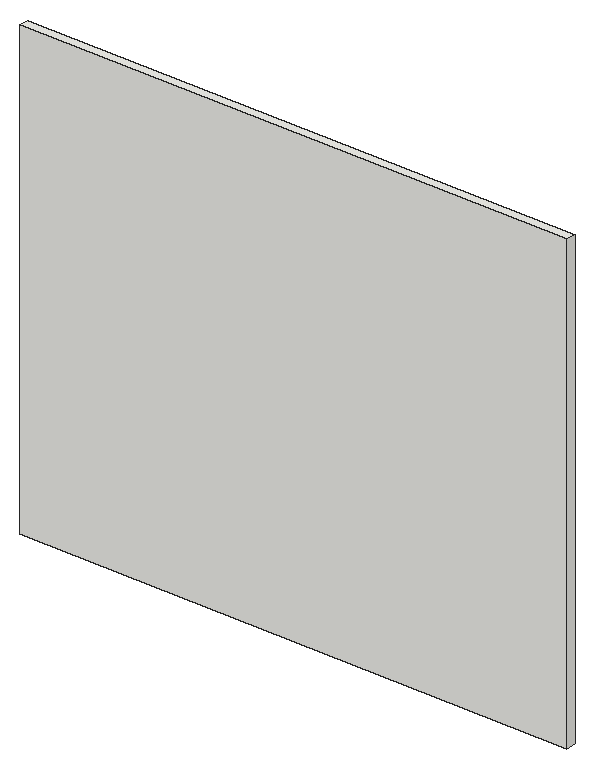
Revit family "M_Porta-Seccional-Pendurada", category Portas, Revit 2019
Family settings
  Hospedeiro = Parede
  Número OmniClass = 23.30.10.17.37.14
  Título OmniClass = Sectional Overhead Doors
  Sempre na vertical = Sim
  Corte com vazios quando carregada = Não
  Compartilhado = Não
  Ponto de cálculo do ambiente = Não
Parameters (values of type "2400 x 2000mm")
  Visual Light Transmittance = 0
  Solar Heat Gain Coefficient = 0
  Rough Width [instance] = Width  # 2400 mm
  Rough Height [instance] = Height  # 2000 mm
  Material do painel = Aço, acabamento de pintura, marfim, fosco
  ID do tipo de construção = "MDOOR"
  Coeficiente de transferência de calor (U) = 3.7021 W/(m²·K)
  Função = Exterior
  Código de montagem = "B2030400"
  Height [instance] = 2000 mm
  Espessura = 40 mm
  Fechamento da parede = Por hospedeiro
  Width [instance] = 2400 mm
  Construção analítica = "Metal"
Reference planes
  plane 1 "Centro(frente/trás)": y = 0
  plane 2: z = 0
  plane 3 "Centro (Esquerda/Direita)": x = 0
  plane 4 "Esquerda": x = -1200
  plane 5 "Direita": x = 1200
  plane 6 "Superior": z = 2000
Forms (mm)
  Extrusion 1, solid, material "Aço, acabamento de pintura, marfim, fosco" <- "Material do painel"
    sketch origin (0, 0, 0) x (1, 0, 0) y (0, 1, 0)
      loop
        line (-1200, -101.6) -> (-1200, -141.6) -> (1200, -141.6) -> (1200, -101.6) -> (-1200, -101.6)
    from 0 to 2000
Lines and regions (mm)
  Opening 1
    outline origin (-3302, -101.6, 0) x (1, 0, 0) y (0, 0, 1)
      loop
        line (2102, 0) -> (4502, 0) -> (4502, 2000) -> (2102, 2000) -> (2102, 0)
  Masking region 1
    outline origin (0, 0, 0) x (1, 0, 0) y (0, 1, 0)
      loop
        line (-1200, -101.6) -> (-1200, -141.6) -> (1200, -141.6) -> (1200, -101.6) -> (-1200, -101.6)
  model lines, style "DoorsPanelProjection"
    curve 1: line (1200, -101.6, 0) -> (-1200, -101.6, 0)
    curve 4: line (1200, -101.6, 1714.286) -> (-1200, -101.6, 1714.286)
    curve 5: line (1200, -101.6, 1428.571) -> (-1200, -101.6, 1428.571)
    curve 6: line (1200, -101.6, 1142.857) -> (-1200, -101.6, 1142.857)
    curve 7: line (1200, -101.6, 857.143) -> (-1200, -101.6, 857.143)
    curve 8: line (1200, -101.6, 571.429) -> (-1200, -101.6, 571.429)
    curve 9: line (1200, -101.6, 285.714) -> (-1200, -101.6, 285.714)
  symbolic lines, style "Giro da elevação"
    curve 2: arc (0, -101.6, 2000) -> (0, -201.351, 2240.821) -> (0, -442.172, 2340.572) r 340.572
    curve 3: line (0, -442.172, 2340.572) -> (0, -2423.372, 2340.572)
Text (mm)
  text "Exterior" at (-1812.94, 377.066, 0), in view "Nível de referência"
  text "Exterior" at (0, 888.654, 3134.195), in view "Direita"
Dimensions and locks
  equal spacing: plane 4 "Esquerda", plane 3 "Centro (Esquerda/Direita)", plane 5 "Direita"
  "Width": plane 4 "Esquerda" to plane 5 "Direita"
  "Height": plane 2 to plane 6 "Superior"
  "Espessura": Extrusion 1 sketch curve to Extrusion 1 sketch curve
  equal spacing: host wall, curve 9, curve 8, curve 7, curve 6, curve 5, curve 4, plane 6 "Superior"
  aligned and locked: plane 4 "Esquerda" to Opening 1 sketch curve
  aligned and locked: plane 6 "Superior" to Opening 1 sketch curve  (x2)
  aligned and locked: Opening 1 sketch curve to plane 5 "Direita"
  aligned and locked: Opening 1 sketch curve to level
  aligned and locked: host wall to Extrusion 1 sketch curve
  aligned and locked: plane 5 "Direita" to curve 1
  aligned and locked: plane 4 "Esquerda" to curve 1
  aligned and locked: Extrusion 1 to level
  aligned and locked: host wall to curve 2
  aligned and locked: Extrusion 1 to host wall
  aligned and locked: Extrusion 1 to curve 4
  aligned and locked: plane 4 "Esquerda" to curve 4
  aligned and locked: plane 5 "Direita" to curve 5
  aligned and locked: plane 4 "Esquerda" to curve 5
  aligned and locked: Extrusion 1 to curve 6
  aligned and locked: plane 4 "Esquerda" to curve 6
  aligned and locked: plane 5 "Direita" to curve 7
  aligned and locked: plane 4 "Esquerda" to curve 7
  aligned and locked: Extrusion 1 to curve 8
  aligned and locked: plane 4 "Esquerda" to curve 8
  aligned and locked: plane 5 "Direita" to curve 9
  aligned and locked: plane 4 "Esquerda" to curve 9
  aligned and locked: Masking region 1 sketch curve to curve 1
  aligned and locked: Masking region 1 sketch curve to Extrusion 1
  aligned and locked: plane 5 "Direita" to Masking region 1 sketch curve
  aligned and locked: Masking region 1 sketch curve to plane 4 "Esquerda"
Automatic sketch dimensions
  Extrusion 1 sketch curve to plane 4 "Esquerda" = 0 mm
  Extrusion 1 sketch curve to plane 5 "Direita" = 0 mm
  curve 2 to plane 6 "Superior" = 0 mm
  curve 2 to curve 2 = 340.572 mm
  curve 3 to curve 2 = 1981.2 mm
  curve 1 to level = 0 mm
